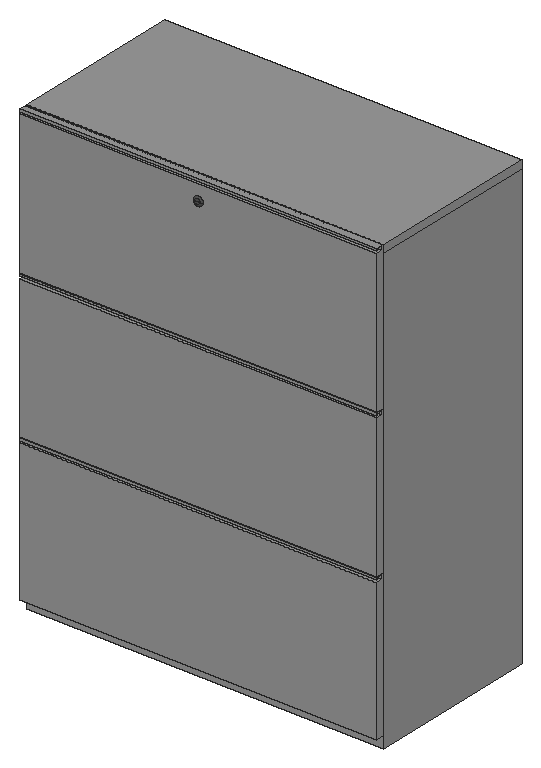
Revit family "Haworth_MSeries_Storage_LateralFile_AP_PRELIMINARY", category Furniture Systems, Revit 2019
Family settings
  Round Connector Dimension = Use Diameter
  Part Type = Normal
  OmniClass Number = 23.40.70.14.64.21
  OmniClass Title = Systems Furniture
  Work Plane-Based = No
  Always vertical = Yes
  Cut with Voids When Loaded = No
  Shared = No
  Room Calculation Point = No
Parameters (values of type "900w 1140h")
  with Pull = not(Front Recess Pull)  # no
  Width = 900 mm
  Warranty = "http://www.haworth.com/resources/product-info/warranties"
  URL - Product = "https://www.haworth.com/ap/en/products/office-drawers/m-series.html"
  Two Drawer = not(Three Drawer)  # no
  Tutti Pull = no
  Trim Finish = Haworth _ Polymer _ Black
  Total Drawer Height = Actual Height - Bottom Case Offset - Case Thickness - 6.4 mm  # 1083.6 mm
  Top Drawer Height = if(Attached 2Hi, 332.5 mm, if(Freestanding 2Hi, 370 mm, 370 mm))  # 370 mm
  Three Drawer = Actual Height > 800 mm  # yes
  Pull Premise Height = if(Attached 2Hi, 320 mm, if(Freestanding 2Hi, 360 mm, 355 mm))  # 355 mm
  Pull Finish = Haworth _ Paint _ Smooth Plaster
  Pull Tutti Height = if(Attached 2Hi, 200 mm, if(Freestanding 2Hi, 200 mm, 200 mm))  # 200 mm
  Premise Pull = no
  Model = "STMSLXXN"  # constant formula
  Min. Width = 750 mm  # constant formula
  Middle Drawer Height = if(Attached 2Hi, 0 mm, if(Freestanding 2Hi, 0 mm, 370 mm))  # 370 mm
  Max. Width = 900 mm  # constant formula
  Lock Offset Top = if(Premise Pull, 40 mm, if(Tutti Pull, 25 mm, 50 mm))  # 50 mm
  Lock Offset Side = Actual Width / 2  # 450 mm
  Lock Finish = Haworth _ Polymer _ Black
  Glide Finish = Haworth _ Polymer _ Black
  Front Recess Pull = not(or(Tutti Pull, Premise Pull))  # yes
  Front Finish [instance] = Haworth _ Laminate _ Undecided _ Storage
  Freestanding 3Hi = yes
  Freestanding 2Hi = not(or(Attached 2Hi, Freestanding 3Hi))  # no
  Distance Between Drawer = 2 mm  # constant formula
  Description = "Haworth - M Series - Storage - Lateral File"  # constant formula
  URL = "https://www.haworth.com/ap/en.html"
  Size = "Verify Final Dim. w/ Haworth"  # constant formula
  Revision Number = "1"  # constant formula
  Manufacturer = "Haworth"  # constant formula
  Case Thickness = 20 mm  # constant formula
  Cabinet Finish [instance] = Haworth _ Laminate _ Undecided _ Storage
  Bottom Drawer Height = if(Attached 2Hi, 330 mm, if(Freestanding 2Hi, 370 mm, 366 mm))  # 366 mm
  Bottom Case Offset = 30 mm  # constant formula
  Author = "Haworth (Abd Rahman)"  # constant formula
  Attached 2Hi = no
  Assembly Code = "E2020200"
  Actual Width = if(Width > Max. Width, Max. Width, if(Width < Min. Width, Min. Width, Width))  # 900 mm
  Actual Height = if(Attached 2Hi, 695 mm, if(Freestanding 2Hi, 775 mm, 1140 mm))  # 1140 mm
  Actual Depth = 450 mm  # constant formula
Types (3, lengths in mm): name | with Pull | Width | Two Drawer | Tutti Pull | Total Drawer Height | Top Drawer Height | Three Drawer | Pull Premise Height | Premise Pull | Middle Drawer Height | Lock Offset Top | Lock Offset Side | Front Recess Pull | Freestanding 3Hi | Freestanding 2Hi | Bottom Drawer Height | Attached 2Hi | Actual Width | Actual Height
  750w 695h | yes | 750 | yes | no | 638.6 | 332.5 | no | 320 | yes | 0 | 40 | 375 | no | no | no | 330 | yes | 750 | 695
  800w 775h | yes | 800 | yes | yes | 718.6 | 370 | no | 360 | no | 0 | 25 | 400 | no | no | yes | 370 | no | 800 | 775
  900w 1140h | no | 900 | no | no | 1083.6 | 370 | yes | 355 | no | 370 | 50 | 450 | yes | yes | no | 366 | no | 900 | 1140
Reference planes
  plane 1 "Center F/B": y = -185.38
  plane 2: z = 0
  plane 3 "Top": z = 1140
  plane 4: x = 20.328
  plane 5: z = 1120
  plane 6: x = -429.672
  plane 7: y = 39.62
  plane 8: y = -410.38
  plane 9 "Right": x = 470.328
  plane 10: z = 30
  plane 11: y = -395.38
  plane 12: x = -419.672
  plane 13: y = 29.62
  plane 14: x = 460.328
  plane 15: y = -385.38
  plane 16: z = 770
  plane 17: z = 398
  plane 18: z = 396
  plane 19: z = 768
  plane 20: z = 1143
Forms (mm)
  Extrusion 1, solid, material "Haworth _ Laminate _ Undecided _ Storage" <- "Cabinet Finish"
    sketch origin (0, 0, 0) x (1, 0, 0) y (0, 1, 0)
      loop
        line (-429.672, 39.62) -> (-429.672, -395.38) -> (470.328, -395.38) -> (470.328, 39.62) -> (-429.672, 39.62)
    from 1120 to 1140
  Extrusion 2, solid, material "Haworth _ Laminate _ Undecided _ Storage" <- "Cabinet Finish"
    sketch origin (0, 0, 0) x (1, 0, 0) y (0, 1, 0)
      loop
        line (-429.672, 39.62) -> (-429.672, -395.38) -> (470.328, -395.38) -> (470.328, 39.62) -> (-429.672, 39.62)
      loop
        line (-419.672, 29.62) -> (-419.672, -385.38) -> (460.328, -385.38) -> (460.328, 29.62) -> (-419.672, 29.62)
    from 0 to 1120
  Extrusion 3, solid, material "Haworth _ Polymer _ Black" <- "Trim Finish", visible <- "Attached 2Hi"
    sketch origin (0, 0, 0) x (1, 0, 0) y (0, 1, 0)
      loop
        circle (-343.933, -15.844) r 15
      loop
        circle (384.589, -15.844) r 15
      loop
        circle (-343.933, -354.916) r 15
      loop
        circle (384.589, -354.916) r 15
    from 1140 to 1143
  Extrusion 4, solid, material "Haworth _ Polymer _ Black" <- "Glide Finish"
    sketch origin (42.646, -362.29, 0) x (-1, 0, 0) y (0, -1, 0)
      loop
        circle (424.548, -17.932) r 12.626
      loop
        circle (424.548, -352.828) r 12.626
      loop
        circle (-383.892, -352.828) r 12.626
      loop
        circle (-383.892, -17.932) r 12.626
    from 0 to 4.695
  Extrusion 5, solid, material "Haworth _ Polymer _ Black" <- "Glide Finish"
    sketch origin (42.646, -362.29, 0) x (-1, 0, 0) y (0, -1, 0)
      loop
        circle (424.484, -18.044) r 8.072
      loop
        circle (424.484, -352.717) r 8.072
      loop
        circle (-383.828, -18.044) r 8.072
      loop
        circle (-383.828, -352.717) r 8.072
    from 4.695 to 6.195
  Extrusion 6, solid, material "Haworth _ Polymer _ Black" <- "Glide Finish"
    sketch origin (42.646, -362.29, 0) x (-1, 0, 0) y (0, -1, 0)
      loop
        circle (424.407, -18.122) r 7
      loop
        circle (424.407, -352.638) r 7
      loop
        circle (-383.751, -18.122) r 7
      loop
        circle (-383.751, -352.638) r 7
    from 6.195 to 11.255
  Extrusion 7, solid, material "Haworth _ Polymer _ Black" <- "Glide Finish"
    sketch origin (42.646, -362.29, 0) x (-1, 0, 0) y (0, -1, 0)
      loop
        circle (424.454, -18.07) r 4.781
      loop
        circle (424.454, -352.69) r 4.781
      loop
        circle (-383.798, -18.07) r 4.781
      loop
        circle (-383.798, -352.69) r 4.781
    from 11.255 to 19.525
Lines and regions (mm)
  Masking region 1
    outline origin (0, 0, 0) x (1, 0, 0) y (0, 1, 0)
      loop
        line (-429.672, 39.62) -> (-429.672, -410.38) -> (470.328, -410.38) -> (470.328, 39.62) -> (-429.672, 39.62)
Dimensions and locks
  equal spacing: plane 7, plane 1 "Center F/B", plane 8
  "Actual Depth": plane 7 to plane 8
  "Actual Width": plane 6 to plane 9 "Right"
  equal spacing: plane 6, plane 4, plane 9 "Right"
  "Case Thickness": plane 3 "Top" to plane 5
  "Bottom Case Offset": plane 10 to level
  "Actual Height": plane 3 "Top" to level
  locked: plane 8 to plane 11 at 15
  locked: plane 6 to plane 12 at 10
  locked: plane 14 to plane 9 "Right" at 10
  locked: plane 7 to plane 13 at 10
  locked: plane 15 to plane 11 at 10
  "Distance Between Drawer": plane 17 to plane 18
  "Distance Between Drawer": plane 16 to plane 19
  "Top Drawer Height": plane 3 "Top" to plane 16
  "Middle Drawer Height": plane 19 to plane 17
  locked: plane 6 to Extrusion 3 sketch curve at 85.739  (x2)
  locked: Extrusion 3 sketch curve to plane 9 "Right" at 85.739
  Extrusion 3 sketch curve to plane 9 "Right" = 85.739 mm
  locked: Extrusion 3 sketch curve to plane 8 at 55.464  (x2)
  locked: plane 7 to Extrusion 3 sketch curve at 55.464  (x2)
  locked: plane 20 to plane 3 "Top" at 3
  locked: plane 6 to Extrusion 4 sketch curve at 47.77  (x2)
  locked: Extrusion 4 sketch curve to plane 9 "Right" at 43.79  (x2)
  locked: Extrusion 4 sketch curve to plane 8 at 66.022  (x2)
  locked: plane 7 to Extrusion 4 sketch curve at 49.082  (x2)
  locked: plane 6 to Extrusion 5 sketch curve at 47.834  (x2)
  locked: plane 7 to Extrusion 5 sketch curve at 49.193  (x2)
  locked: Extrusion 5 sketch curve to plane 9 "Right" at 43.854  (x2)
  locked: Extrusion 5 sketch curve to plane 8 at 66.133  (x2)
  locked: plane 6 to Extrusion 6 sketch curve at 47.911  (x2)
  locked: plane 7 to Extrusion 6 sketch curve at 49.272  (x2)
  locked: Extrusion 6 sketch curve to plane 9 "Right" at 43.931  (x2)
  locked: Extrusion 6 sketch curve to plane 8 at 66.212  (x2)
  locked: plane 7 to Extrusion 7 sketch curve at 49.22  (x2)
  locked: plane 6 to Extrusion 7 sketch curve at 47.864  (x2)
  locked: Extrusion 7 sketch curve to plane 8 at 66.16  (x2)
  locked: Extrusion 7 sketch curve to plane 9 "Right" at 43.884  (x2)
  aligned and locked: plane 3 "Top" to Extrusion 1
  aligned and locked: Extrusion 1 to plane 5
  aligned and locked: Extrusion 1 sketch curve to plane 11
  aligned and locked: plane 6 to Extrusion 1 sketch curve
  aligned and locked: plane 9 "Right" to Extrusion 1 sketch curve
  aligned and locked: Extrusion 1 sketch curve to plane 7
  aligned and locked: plane 6 to Extrusion 2 sketch curve
  aligned and locked: Extrusion 2 sketch curve to plane 7
  aligned and locked: plane 9 "Right" to Extrusion 2 sketch curve
  aligned and locked: Extrusion 2 sketch curve to plane 11
  aligned and locked: plane 14 to Extrusion 2 sketch curve
  aligned and locked: plane 13 to Extrusion 2 sketch curve
  aligned and locked: Extrusion 2 sketch curve to plane 12
  aligned and locked: Extrusion 2 sketch curve to plane 15
  aligned and locked: plane 5 to Extrusion 2
  aligned and locked: nested 1 to plane 4
  aligned and locked: plane 10 to nested 1
  aligned and locked: plane 11 to nested 1
  aligned and locked: nested 2 to plane 4
  aligned and locked: nested 3 to plane 4
  aligned and locked: plane 11 to nested 3
  aligned and locked: plane 11 to nested 2
  aligned and locked: Extrusion 2 to level
  aligned and locked: nested 1 to plane 10
  aligned and locked: nested 3 to plane 17
  aligned and locked: plane 3 "Top" to nested 2
  aligned and locked: plane 20 to Extrusion 3
  aligned and locked: Extrusion 3 to plane 3 "Top"
Automatic sketch dimensions
  Masking region 1 sketch curve to plane 6 = 0 mm
  Masking region 1 sketch curve to plane 9 "Right" = 0 mm
  Masking region 1 sketch curve to plane 7 = 0 mm
  plane 8 to Masking region 1 sketch curve = 0 mm
  radius of Extrusion 3 sketch curve = 15 mm  (x4)
  radius of Extrusion 4 sketch curve = 12.626 mm  (x4)
  radius of Extrusion 5 sketch curve = 8.072 mm  (x4)
  radius of Extrusion 6 sketch curve = 7 mm  (x4)
  radius of Extrusion 7 sketch curve = 4.781 mm  (x4)
Nested families
  nested 1: "Haworth_MSeries_Drawer_PART" at (20.328, -388.722, 30), Drawer Height <- "Bottom Drawer Height", type "Haworth_Drawer - Without Lock"
    with Pull Height 250 mm, Drawer Height 366 mm, with Pull no, Pull Linear Height 200 mm, Pull Ellipse Height 355 mm, Lock Offset Top 50 mm, Linear Pull no, Front Recess yes, Ellipse Pull no
  nested 2: "Haworth_MSeries_Drawer_PART" at (20.328, -388.722, 770), Drawer Height <- "Top Drawer Height", type "Haworth_Drawer"
    with Pull Height 250 mm, Drawer Height 370 mm, with Pull no, With Lock yes, Pull Linear Height 200 mm, Pull Ellipse Height 355 mm, Lock Offset Top 50 mm, Linear Pull no, Front Recess yes, Ellipse Pull no
  nested 3: "Haworth_MSeries_Drawer_PART" at (20.328, -388.722, 398), Drawer Height <- "Middle Drawer Height", visible <- "Three Drawer", type "Haworth_Drawer - Without Lock"
    with Pull Height 250 mm, Drawer Height 370 mm, with Pull no, Pull Linear Height 200 mm, Pull Ellipse Height 355 mm, Lock Offset Top 50 mm, Linear Pull no, Front Recess yes, Ellipse Pull no
Definition of nested family "Haworth_MSeries_Drawer_PART"
  Parameters (values of type "Haworth_Drawer - Without Lock")
    with Pull = yes
    With Lock = no
    Wing Pull Length = 211.138 mm
    Wing Pull = no
    Warranty = "http://www.haworth.com/resources/product-info/warranties"
    URL - Product = ""
    URL = "www.haworth.com"
    Trim Finish = none
    Touch Latch = no
    Side Recess = no
    Revision Number = "1"  # constant formula
    Pull Linear Height = 186.531 mm
    Pull Height [instance] = 262.731 mm
    Pull Finish = none
    Pull Ellipse Height = 262.731 mm
    Note = "Verify Final Dim. w/ Haworth"  # constant formula
    Model = "Haworth Be_Hold"  # constant formula
    Manufacturer = "Haworth"  # constant formula
    Lock Offset Top = 150 mm
    Lock Offset Side = 450 mm
    Linear Pull = yes
    Front Recess = no
    Front Finish = none
    Front Edge Finish = none
    Ellipse Pull = yes
    Drawer Width = 900 mm
    Drawer Height [instance] = 304.8 mm
    Description = "Haworth - Be_Hold - Drawer"
    Cresent Pull = no
    Classic Pull Length = 4.4 mm
    Classic Pull = no
    Blade Pull Length = 390.413 mm
    Blade Pull = no
    Linear Pull Length = 200 mm
    Author = "Haworth (Alias)"  # constant formula
    Assembly Code = ""
  Types (2): name
    Haworth_Drawer
    Haworth_Drawer - Without Lock
  Reference planes
    plane 1 "Drawer Back": y = -6.658
    plane 2: z = 0
    plane 3 "Center L/R": x = 0
    plane 4 "Drawer Front": y = -28.883
    plane 5 "Left": x = -450
    plane 6 "Right": x = 450
    plane 7 "Top": z = 304.8
    plane 8 "Hardware Start": y = -9.833
    plane 9 "Lock Side": x = 0
    plane 10 "Lock Horizontal": z = 154.8
    plane 11 "2": z = 177.025
    plane 12: z = 186.531
    plane 13: z = 262.731
  Forms (mm)
    Extrusion 1, solid, material <- "Front Finish", visible <- "with Pull"
      sketch origin (0, -28.883, 0) x (-1, 0, 0) y (0, 0, 1)
        loop
          line (-450, 304.8) -> (-450, 0) -> (450, 0) -> (450, 304.8) -> (-450, 304.8)
      from 0 to 19.05
    Revolve 2, solid, material <- "Trim Finish", visible <- "With Lock"
      sketch origin (0, 0, 154.8) x (-1, 0, 0) y (0, -1, 0)
        loop
          line (0, 28.883) -> (0, 32.057) -> (-7.939, 32.057)
          arc (-7.939, 32.057) -> (-10.184, 31.128) -> (-11.113, 28.883) r 3.174
          line (-11.113, 28.883) -> (0, 28.883)
        axis (0, 28.883) -> (0, 32.057)
      angle from 0 to 360
  Lines and regions (mm)
    Masking region 1
      outline origin (0, 0, 154.8) x (-1, 0, 0) y (0, -1, 0)
        loop
          line (450, 9.833) -> (450, 28.883) -> (-450, 28.883) -> (-450, 9.833) -> (450, 9.833)
  Dimensions and locks
    equal spacing: plane 5 "Left", plane 3 "Center L/R", plane 6 "Right"
    "Drawer Width": plane 5 "Left" to plane 6 "Right"
    "Drawer Height": plane 7 "Top" to level
    locked: plane 1 "Drawer Back" to plane 8 "Hardware Start" at 3.175
    plane 4 "Drawer Front" to plane 1 "Drawer Back" = 22.225 mm
    plane 4 "Drawer Front" to plane 8 "Hardware Start" = 19.05 mm
    "Lock Offset Side": plane 9 "Lock Side" to plane 6 "Right"
    "Lock Offset Top": plane 7 "Top" to plane 10 "Lock Horizontal"
    locked: Revolve 2 sketch curve to plane 4 "Drawer Front" at 3.174
    locked: plane 9 "Lock Side" to Revolve 2 sketch curve at 11.113
    locked: plane 11 "2" to plane 10 "Lock Horizontal" at 22.225
    "Pull Linear Height": plane 12 to level
    "Pull Ellipse Height": plane 13 to plane 2
    aligned and locked: Extrusion 1 sketch curve to plane 6 "Right"
    aligned and locked: Extrusion 1 sketch curve to plane 7 "Top"
    aligned and locked: Extrusion 1 sketch curve to plane 5 "Left"
    aligned and locked: Extrusion 1 sketch curve to plane 2
    aligned and locked: Extrusion 1 to plane 8 "Hardware Start"
    aligned and locked: Extrusion 1 to plane 4 "Drawer Front"
    aligned and locked: plane 9 "Lock Side" to Revolve 2 sketch curve  (x2)
    aligned and locked: Revolve 2 sketch curve to plane 4 "Drawer Front"
    aligned and locked: plane 3 "Center L/R" to nested 1
    aligned and locked: nested 1 to plane 4 "Drawer Front"
    aligned and locked: plane 6 "Right" to Masking region 1 sketch curve
    aligned and locked: Masking region 1 sketch curve to plane 8 "Hardware Start"
    aligned and locked: plane 4 "Drawer Front" to Masking region 1 sketch curve
    aligned and locked: plane 5 "Left" to Masking region 1 sketch curve
    aligned and locked: nested 2 to plane 8 "Hardware Start"
    aligned and locked: nested 2 to plane 3 "Center L/R"
    aligned and locked: plane 12 to nested 1
    aligned and locked: plane 13 to nested 3
  Automatic sketch dimensions
    plane 8 "Hardware Start" to Revolve 2 sketch curve = 5.061 mm
    Revolve 2 sketch curve to Revolve 2 sketch curve = 10.541 mm
  Nested families
    nested 1: "Haworth_Drawer-Pulls_PART" at (0, -28.883, 186.531), built-in parameter 1001364 <- "Pull Height", visible <- "Linear Pull", type "Pull"
    nested 2: "Haworth_Door-Panel_FrontRecess-Swing" at (29.977, -20.126, 0) x (-1, 0, 0) z (0, 0, 1), visible <- "Front Recess", type "Door"
      with with Lock yes, Finger Pull Location 3.81 mm, Finger Pull no, Door Width 900 mm
    nested 3: "Haworth_Drawer-Pulls" at (0, -28.883, 258.689), visible <- "Ellipse Pull", type "Pull"
  Definition of nested family "Haworth_Drawer-Pulls_PART"
    Parameters (values of type "Pull")
      Wing Pull Length = 211.138 mm
      Wing = no
      Warranty = "https://www.haworth.com/resources/product-info/warranties"
      URL = "https://www.haworth.com"
      Trim Finish = none
      Revision Number = "1"  # constant formula
      Model = "Haworth Be_Hold"  # constant formula
      Manufacturer = "Haworth"  # constant formula
      Linear Pull Length = 200 mm
      Linear = yes
      Description = "Haworth - Be_Hold - Pull Part"
      Cresent = no
      Classic Pull Length = 4.4 mm
      Classic = no
      Blade Pull Length = 390.413 mm
      Blade = no
      Author = "Haworth (Alias)"  # constant formula
      Assembly Code = ""
    Reference planes
      plane 1 "Center Front/Back": y = 0
      plane 2: z = 0
      plane 3 "Center Left/Right": x = 0
      plane 4 "Classic Left": x = -2.2
      plane 5 "Classic Right": x = 2.2
      plane 6 "Linear Left": x = -100
      plane 7 "Linear Right": x = 100
      plane 8 "Wing Right": x = 105.569
      plane 9 "Wing Left": x = -105.569
      plane 10 "Blade Left": x = -195.206
      plane 11 "Blade Right": x = 195.206
    Forms (mm)
      Extrusion 1, solid, material <- "Trim Finish", visible <- "Linear"
        sketch origin (0, 0, 3.175) x (1, 0, 0) y (0, 1, 0)
          loop
            line (-100, 0) -> (-100, -28.873)
            arc (-100, -28.873) -> (-99.157, -30.907) -> (-97.123, -31.75) r 2.877
            line (-97.123, -31.75) -> (97.137, -31.75)
            arc (97.137, -31.75) -> (99.161, -30.911) -> (100, -28.887) r 2.863
            line (100, -28.887) -> (100, 0) -> (74.6, 0) -> (74.6, -0.794) -> (-74.6, -0.794) -> (-74.6, 0) -> (-100, 0)
        from 0 to -6.35
      Extrusion 2, solid, material <- "Trim Finish", visible <- "Classic"
        sketch origin (0, 0, 9.525) x (1, 0, 0) y (0, 0, 1)
          loop
            line (-2.2, 0) -> (-2.2, -19.05)
            arc (-2.2, -19.05) -> (7.325, -9.525) -> (-2.2, 0) r 9.525
        from 0 to 25.4
      Extrusion 3, solid, material <- "Trim Finish", visible <- "Classic"
        sketch origin (0, 0, 9.525) x (-1, 0, 0) y (0, 0, -1)
          loop
            arc (-2.2, 0.034) -> (7.291, 9.525) -> (-2.2, 19.016) r 9.491
            line (-2.2, 19.016) -> (-2.2, 0.034)
        from 0 to 25.4
      Extrusion 4, solid, material <- "Trim Finish", visible <- "Classic"
        sketch origin (0, 0, 9.525) x (1, 0, 0) y (0, 0, 1)
          loop
            line (-2.2, 0) -> (-2.2, -19.05) -> (2.2, -19.05) -> (2.2, 0) -> (-2.2, 0)
        from 25.4 to 31.75
      Sweep 5, solid, material <- "Trim Finish", visible <- "Cresent"
        path origin (0, 0, 0) x (1, 0, 0) y (0, 1, 0)
          loop
            arc (-93.651, 0) -> (-0.001, -30.795) -> (93.649, 0) r 157.795
        profile origin (-0.001, -30.795, 0) x (0, 1, 0) y (0, 0, 1)
          loop
            circle (3.175, 0) r 3.175
      Sweep 6, solid, material <- "Trim Finish", visible <- "Wing"
        path origin (0, 0, 0) x (1, 0, 0) y (0, 1, 0)
          loop
            line (105.569, 0) -> (-105.569, 0)
        profile origin (0, 0, 0) x (0, -1, 0) y (0, 0, 1)
          loop
            line (0, -1.397) -> (18.146, -11.536)
            arc (18.146, -11.536) -> (21.705, -10.354) -> (20.207, -6.915) r 2.54
            line (20.207, -6.915) -> (0, 0) -> (0, -1.397)
      Extrusion 7, void
        sketch origin (0, 0, 0) x (1, 0, 0) y (0, 1, 0)
          loop
            line (-105.569, 0) -> (-105.569, -23.548) -> (-96.997, -23.548) -> (-105.569, 0)
          loop
            line (105.569, 0) -> (96.997, -23.548) -> (105.569, -23.548) -> (105.569, 0)
        from -14.628 to 0
      Sweep 8, solid, material <- "Trim Finish", visible <- "Blade"
        path origin (0, 0, 0) x (1, 0, 0) y (0, 0, 1)
          loop
            line (0, 0) -> (0, 2.381)
        profile origin (0, 0, 1.191) x (-1, 0, 0) y (0, -1, 0)
          loop
            line (195.206, -19.05) -> (195.206, 10.307)
            arc (195.206, 10.307) -> (194.273, 12.56) -> (192.02, 13.494) r 3.187
            line (192.02, 13.494) -> (-192.028, 13.494)
            arc (-192.028, 13.494) -> (-194.275, 12.563) -> (-195.206, 10.315) r 3.178
            line (-195.206, 10.315) -> (-195.206, -19.05) -> (195.206, -19.05)
      Extrusion 9, void
        sketch origin (0, 0, 0) x (1, 0, 0) y (0, 1, 0)
          loop
            line (-97.42, 0) -> (-97.42, -26.789)
            arc (-97.42, -26.789) -> (-96.665, -28.613) -> (-94.841, -29.369) r 2.58
            line (-94.841, -29.369) -> (94.852, -29.369)
            arc (94.852, -29.369) -> (96.676, -28.613) -> (97.432, -26.789) r 2.58
            line (97.432, -26.789) -> (97.432, 0) -> (-97.42, 0)
        from 1.279 to 10.938
      Extrusion 10, void
        sketch origin (0, 0, 0) x (0, -1, 0) y (1, 0, 0)
          loop
            line (0, -97.42) -> (26.789, -97.42)
            arc (26.789, -97.42) -> (28.613, -96.665) -> (29.369, -94.841) r 2.58
            line (29.369, -94.841) -> (29.369, 94.852)
            arc (29.369, 94.852) -> (28.613, 96.676) -> (26.789, 97.432) r 2.58
            line (26.789, 97.432) -> (0, 97.432) -> (0, -97.42)
        from 0.932 to -20.785
    Cuts and joins
      Extrusion 9 cuts Extrusion 2
      Extrusion 9, Extrusion 10 cuts Extrusion 3
      Extrusion 7, Extrusion 9 cuts Extrusion 4
      joined: Extrusion 2, Extrusion 3, Extrusion 4
      Extrusion 7 cuts Sweep 6
      Extrusion 9, Extrusion 10 cuts Extrusion 1
      Extrusion 9, Extrusion 10 cuts Sweep 8
    Lines and regions (mm)
      symbolic lines, detail levels fine
        curve 1: line (-100, 0, 0) -> (100, 0, 0)
    Dimensions and locks
      equal spacing: plane 4 "Classic Left", plane 3 "Center Left/Right", plane 5 "Classic Right"
      "Classic Pull Length": plane 4 "Classic Left" to plane 5 "Classic Right"
      locked: Extrusion 1 sketch curve to Extrusion 1 sketch curve at 25.4  (x2)
      equal spacing: plane 6 "Linear Left", plane 3 "Center Left/Right", plane 7 "Linear Right"
      "Linear Pull Length": plane 6 "Linear Left" to plane 7 "Linear Right"
      locked: profile plane to Sweep 5 sketch curve at 3.175
      locked: plane 9 "Wing Left" to Extrusion 7 sketch curve at 8.571
      locked: Extrusion 7 sketch curve to plane 1 "Center Front/Back" at 23.548
      locked: plane 1 "Center Front/Back" to Extrusion 7 sketch curve at 23.548
      Extrusion 7 sketch curve to plane 8 "Wing Right" = 8.571 mm
      equal spacing: plane 11 "Blade Right", plane 3 "Center Left/Right", plane 10 "Blade Left"
      "Blade Pull Length": plane 11 "Blade Right" to plane 10 "Blade Left"
      locked: Sweep 8 sketch curve to plane 2 at 2.381
      locked: Sweep 8 sketch curve to plane 1 "Center Front/Back" at 19.05
      locked: Sweep 8 sketch curve to plane 1 "Center Front/Back" at 13.494
      equal spacing: plane 8 "Wing Right", plane 3 "Center Left/Right", plane 9 "Wing Left"
      "Wing Pull Length": plane 8 "Wing Right" to plane 9 "Wing Left"
      aligned and locked: plane 4 "Classic Left" to Extrusion 4 sketch curve
      aligned and locked: plane 5 "Classic Right" to Extrusion 4 sketch curve
      aligned and locked: plane 5 "Classic Right" to Extrusion 3 sketch curve
      aligned and locked: Extrusion 2 sketch curve to plane 4 "Classic Left"
      aligned and locked: Extrusion 1 sketch curve to plane 7 "Linear Right"
      aligned and locked: Extrusion 1 sketch curve to plane 6 "Linear Left"
      aligned and locked: plane 2 to Sweep 5 sketch curve
      aligned and locked: profile plane to plane 2
      aligned and locked: Sweep 6 sketch curve to plane 1 "Center Front/Back"
      aligned and locked: plane 8 "Wing Right" to Sweep 6 sketch curve
      aligned and locked: plane 9 "Wing Left" to Sweep 6 sketch curve
      aligned and locked: Extrusion 7 sketch curve to plane 9 "Wing Left"
      aligned and locked: Extrusion 7 sketch curve to plane 8 "Wing Right"
      aligned and locked: plane 2 to Sweep 8 sketch curve
      aligned and locked: Sweep 8 sketch curve to plane 10 "Blade Left"
      aligned and locked: Sweep 8 sketch curve to plane 11 "Blade Right"
      aligned and locked: plane 1 "Center Front/Back" to curve 1
      aligned and locked: plane 7 "Linear Right" to curve 1
      aligned and locked: plane 6 "Linear Left" to curve 1
    Automatic sketch dimensions
      plane 1 "Center Front/Back" to Extrusion 1 sketch curve = 0 mm  (x2)
      Extrusion 1 sketch curve to Extrusion 1 sketch curve = 2.877 mm
      Extrusion 1 sketch curve to plane 7 "Linear Right" = 2.863 mm
      Extrusion 1 sketch curve to Extrusion 1 sketch curve = 0.794 mm
      Extrusion 1 sketch curve to Extrusion 1 sketch curve = 28.873 mm
      Extrusion 2 sketch curve to level = 0 mm
      Extrusion 2 sketch curve to Extrusion 2 sketch curve = 9.525 mm
      Extrusion 3 sketch curve to level = 0 mm
      level to Extrusion 3 sketch curve = 9.491 mm
      Extrusion 4 sketch curve to level = 9.525 mm
      level to Extrusion 4 sketch curve = 9.525 mm
      plane 1 "Center Front/Back" to Sweep 5 sketch curve = 0 mm  (x2)
      Sweep 5 sketch curve to plane 3 "Center Left/Right" = 0.001 mm
      Sweep 5 sketch curve to plane 1 "Center Front/Back" = 127 mm
      Sweep 5 sketch curve to plane 6 "Linear Left" = 6.349 mm
      Sweep 6 sketch curve to profile plane = 0 mm
      Sweep 6 sketch curve to level = 0 mm
      Sweep 6 sketch curve to profile plane = 18.146 mm
      Sweep 6 sketch curve to Sweep 6 sketch curve = 1.239 mm
      Sweep 6 sketch curve to level = 6.915 mm
      Sweep 6 sketch curve to Sweep 6 sketch curve = 0.822 mm
      Sweep 6 sketch curve to Sweep 6 sketch curve = 2.404 mm
      Sweep 6 sketch curve to level = 1.397 mm
      plane 1 "Center Front/Back" to Extrusion 7 sketch curve = 0 mm  (x2)
      Sweep 8 sketch curve to plane 3 "Center Left/Right" = 0 mm
      Sweep 8 sketch curve to Sweep 8 sketch curve = 3.178 mm
      Sweep 8 sketch curve to Sweep 8 sketch curve = 3.187 mm
      plane 1 "Center Front/Back" to Extrusion 9 sketch curve = 0 mm
      Extrusion 9 sketch curve to plane 6 "Linear Left" = 2.58 mm
      Extrusion 9 sketch curve to Extrusion 9 sketch curve = 2.58 mm
      Extrusion 9 sketch curve to plane 7 "Linear Right" = 5.148 mm
      Extrusion 9 sketch curve to plane 7 "Linear Right" = 2.568 mm
      plane 1 "Center Front/Back" to Extrusion 9 sketch curve = 26.789 mm
      plane 1 "Center Front/Back" to Extrusion 10 sketch curve = 0 mm
      Extrusion 10 sketch curve to plane 7 "Linear Right" = 2.568 mm
      Extrusion 10 sketch curve to Extrusion 10 sketch curve = 26.789 mm  (x2)
      Extrusion 10 sketch curve to plane 6 "Linear Left" = 2.58 mm
      Extrusion 10 sketch curve to Extrusion 10 sketch curve = 2.58 mm
      radius of Sweep 5 sketch curve = 3.175 mm
  Definition of nested family "Haworth_Door-Panel_FrontRecess-Swing"
    Parameters (values of type "Door")
      with Lock [instance] = yes
      URL = "www.haworth.com"
      Revision Number = "1"  # constant formula
      Revision Date = ""
      Pull Offset = 38.1 mm
      Lock Offset Top = 42.07 mm  # constant formula
      Lock Offset Side = 34.925 mm  # constant formula
      Linear Pull = no
      Finger Pull Location = if(Finger Pull, Door Height + 6.35 mm, 3.81 mm)  # 311.15 mm
      Finger Pull = yes
      Door Pull Location = 25.4 mm
      Door Pull Length = 203.2 mm
      Door Pull Finish = none
      Bar Pull = no
      Classic Pull = no
      Assembly Code = ""
      Pull Offset Centerline = 76.2 mm
      Pull Height Centerline = 152.4 mm
      Door Width = 392 mm
      Door Height = 304.8 mm
      Door Finish = none
      Door Depth = 19.05 mm
      Manufacturer = "Haworth"  # constant formula
      Author = "SHAPE Environments, LLC"  # constant formula
    Reference planes
      plane 1 "Center F/B": y = -0.768
      plane 2: z = 0
      plane 3 "Center L/R": x = 29.977
      plane 4 "Left": x = -166.023
      plane 5 "Right": x = 225.977
      plane 6 "Back": y = 8.757
      plane 7 "Front": y = -10.293
      plane 8 "Top": z = 304.8
      plane 9 "Pull Offset": x = 149.777
      plane 10 "Pull Height": z = 152.4
      plane 11 "Finger Pull Top": z = 304.8
      plane 12 "Finger Pull Bottom": z = -6.35
      plane 13: z = 262.73
      plane 14 "Lock": x = -131.098
    Forms (mm)
      Extrusion 1, solid, material <- "Door Finish"
        sketch origin (0, -0.768, 0) x (1, 0, 0) y (0, 0, 1)
          loop
            line (-166.023, 304.8) -> (-166.023, 0) -> (225.977, 0) -> (225.977, 304.8) -> (-166.023, 304.8)
        from -9.525 to 9.525
      Extrusion 2, void
        sketch origin (179.327, 6.856, 154.251) x (0, 0.000857, -1) y (0, -1, -0.000857)
          loop
            line (-149.15, 15.342) -> (-149.15, -0.507) -> (-144.947, -0.507) -> (-144.947, -2.611) -> (-139.546, -2.611) -> (-139.546, 15.342) -> (-149.15, 15.342)
        from -1064.355 to 1673.35
    Cuts and joins
      Extrusion 2 cuts Extrusion 1
    Lines and regions (mm)
      Masking region 1
        outline origin (0, 0, 0) x (1, 0, 0) y (0, 1, 0)
          loop
            line (-166.023, 8.757) -> (-166.023, -10.293) -> (225.977, -10.293) -> (225.977, 8.757) -> (-166.023, 8.757)
      model lines
        curve 1: line (149.777, -10.293, 0) -> (160.89, -10.293, 0)
    Dimensions and locks
      "Door Height": plane 8 "Top" to level
      equal spacing: plane 6 "Back", plane 1 "Center F/B", plane 7 "Front"
      "Door Depth": plane 6 "Back" to plane 7 "Front"
      equal spacing: plane 4 "Left", plane 3 "Center L/R", plane 5 "Right"
      "Door Width": plane 4 "Left" to plane 5 "Right"
      "Pull Height Centerline": plane 10 "Pull Height" to level
      "Finger Pull Location": plane 11 "Finger Pull Top" to plane 12 "Finger Pull Bottom"
      locked: plane 2 to plane 12 "Finger Pull Bottom" at 6.35
      "Pull Offset Centerline": plane 5 "Right" to plane 9 "Pull Offset"
      "Lock Offset Side": plane 4 "Left" to plane 14 "Lock"
      "Lock Offset Top": plane 11 "Finger Pull Top" to plane 13
      aligned and locked: plane 4 "Left" to Extrusion 1 sketch curve
      aligned and locked: Extrusion 1 sketch curve to plane 5 "Right"
      aligned and locked: Extrusion 1 sketch curve to plane 8 "Top"
      aligned and locked: level to Extrusion 1 sketch curve
      aligned and locked: plane 6 "Back" to Extrusion 1
      aligned and locked: Extrusion 1 to plane 7 "Front"
      aligned and locked: plane 9 "Pull Offset" to nested 1
      aligned and locked: plane 10 "Pull Height" to nested 1
      aligned: nested 1 to plane 7 "Front"
      aligned and locked: Extrusion 1 to plane 4 "Left"
      aligned and locked: nested 1 to plane 7 "Front"
    Automatic sketch dimensions
      curve 1 to plane 7 "Front" = 0 mm
      curve 1 to plane 9 "Pull Offset" = 0 mm
      curve 1 to curve 1 = 11.113 mm
      Masking region 1 sketch curve to plane 4 "Left" = 0 mm
      Masking region 1 sketch curve to plane 5 "Right" = 0 mm
      Masking region 1 sketch curve to plane 7 "Front" = 0 mm
      Masking region 1 sketch curve to plane 6 "Back" = 0 mm
      Extrusion 2 sketch curve to plane 8 "Top" = 1.412 mm
      plane 7 "Front" to Extrusion 2 sketch curve = 1.679 mm
      Extrusion 2 sketch curve to Extrusion 2 sketch curve = 9.604 mm
      Extrusion 2 sketch curve to Extrusion 2 sketch curve = 15.849 mm
      Extrusion 2 sketch curve to Extrusion 2 sketch curve = 2.104 mm
      Extrusion 2 sketch curve to Extrusion 2 sketch curve = 4.203 mm
    Nested families
      nested 1: "Haworth_Door-Pulls" at (182.369, -9.525, 152.4), type "Pull", detail levels medium+fine
  Definition of nested family "Haworth_Drawer-Pulls"
    Parameters (values of type "Pull")
      Taper = no
      Radius = no
      Patterns = no
      Linear = no
      Handle Finish = none
      Ellipse = yes
      Cresent = no
      Classic = no
      Assembly Code = ""
    Reference planes
      plane 1 "Center Front/Back": y = 0
      plane 2: z = 0
      plane 3 "Center Left/Right": x = 0
      plane 4: x = -130
      plane 5: x = 130
    Forms (mm)
      Extrusion 1, solid, material <- "Handle Finish", visible <- "Ellipse"
        sketch origin (0, 0, 4.043) x (0, 1, 0) y (0, 0, 1)
          loop
            arc (-0.766, 0) -> (-6.785, -0.758) -> (-12.456, -2.915) r 25.527
            arc (-12.456, -2.915) -> (-16.565, -5.616) -> (-20.062, -9.074) r 24.865
            arc (-20.062, -9.074) -> (-22.178, -12.005) -> (-23.884, -15.191) r 27.094
            arc (-23.884, -15.191) -> (-23.108, -16.801) -> (-21.479, -16.067) r 1.28
            arc (-21.479, -16.067) -> (-17.188, -9.918) -> (-11.354, -5.209) r 26.641
            arc (-11.354, -5.209) -> (-8.893, -4.088) -> (-6.314, -3.274) r 22.187
            arc (-6.314, -3.274) -> (-4.078, -3.858) -> (-2.9, -5.847) r 3.035
            arc (-2.9, -5.847) -> (-1.687, -7.045) -> (0, -6.789) r 1.902
            line (0, -6.789) -> (0, -1.296) -> (-0.766, 0)
        from -130 to 130
      Extrusion 2, void
        sketch origin (0, 0, 4.043) x (1, 0, 0) y (0, 1, 0)
          loop
            line (-165.099, 0) -> (-169.486, 0) -> (-169.486, -28.35) -> (169.486, -28.35) -> (169.486, 0) -> (165.099, 0)
            arc (165.099, 0) -> (164.23, -4.523) -> (161.849, -8.466) r 13.1
            arc (161.849, -8.466) -> (158.39, -11.305) -> (154.202, -12.881) r 13.735
            arc (154.202, -12.881) -> (116.131, -18.997) -> (77.712, -22.273) r 519.795
            arc (77.712, -22.273) -> (0, -24.137) -> (-77.712, -22.273) r 1620.476
            arc (-77.712, -22.273) -> (-116.131, -18.997) -> (-154.202, -12.881) r 519.795
            arc (-154.202, -12.881) -> (-158.39, -11.305) -> (-161.849, -8.466) r 13.735
            arc (-161.849, -8.466) -> (-164.23, -4.523) -> (-165.099, 0) r 13.1
        from 0 to -23.08
      Blend 3, solid, material <- "Handle Finish", visible <- "Radius"
        base sketch origin (0, 0, 7.938) x (0, 1, 0) y (0, 0, -1)
          loop
            line (0, 0) -> (0, 15.875) -> (-10.246, 15.875)
            arc (-10.246, 15.875) -> (-18.184, 7.938) -> (-10.246, 0) r 7.938
            line (-10.246, 0) -> (0, 0)
        top sketch origin (0, 0, 7.938) x (0, 1, 0) y (0, 0, -1)
          loop
            line (0, 0) -> (0, 15.875) -> (-19.782, 15.875)
            arc (-19.782, 15.875) -> (-27.72, 7.938) -> (-19.782, 0) r 7.938
            line (-19.782, 0) -> (0, 0)
        from -123.825 to -92.075
      Sweep 4, solid, material <- "Handle Finish", visible <- "Radius"
        path origin (0, 0, 0) x (1, 0, 0) y (0, 1, 0)
          loop
            arc (-123.825, -18.184) -> (0, -39.179) -> (123.825, -18.184) r 375.636
        profile origin (0, -39.179, 0) x (0, 1, 0) y (0, 0, 1)
          loop
            circle (7.938, 0) r 7.739
      Extrusion 5, solid, material <- "Handle Finish", visible <- "Taper"
        sketch origin (0, 0, 6.929) x (0, 1, 0) y (0, 0, 1)
          loop
            line (0, 0) -> (-22.225, 0)
            arc (-22.225, 0) -> (-24.47, -0.93) -> (-25.4, -3.175) r 3.175
            line (-25.4, -3.175) -> (-25.4, -17.78) -> (-24.609, -17.78) -> (-24.609, -3.178)
            arc (-24.609, -3.178) -> (-23.911, -1.492) -> (-22.225, -0.794) r 2.384
            line (-22.225, -0.794) -> (-0.794, -0.794) -> (-0.794, -13.462) -> (0, -13.462) -> (0, 0)
        from -166.535 to 166.535
      Extrusion 6, void
        sketch origin (0, 0, 6.929) x (1, 0, 0) y (0, 0, 1)
          loop
            arc (-132.932, -18.265) -> (-152.327, -13.323) -> (-166.993, 0.298) r 40.532
            line (-166.993, 0.298) -> (-174.239, 0.298) -> (-174.239, -25.4) -> (174.239, -25.4) -> (174.239, 0.298) -> (166.993, 0.298)
            arc (166.993, 0.298) -> (152.327, -13.323) -> (132.932, -18.265) r 40.532
            line (132.932, -18.265) -> (-132.932, -18.265)
        from 0 to 55.909
      Sweep 7, solid, material <- "Handle Finish", visible <- "Cresent"
        path origin (0, 0, 3.175) x (1, 0, 0) y (0, 1, 0)
          loop
            arc (-96.589, 1.016) -> (0, -31.75) -> (96.589, 1.016) r 158.75
        profile origin (0, -31.75, 3.175) x (0, 1, 0) y (0, 0, 1)
          loop
            circle (3.175, -3.175) r 3.175
      Extrusion 8, void
        sketch origin (0, 0, 3.175) x (1, 0, 0) y (0, 1, 0)
          loop
            line (-100.214, 0) -> (100.177, 0) -> (100.177, 8.146) -> (-100.214, 8.146) -> (-100.214, 0)
        from 0.882 to -7.228
      Extrusion 9, solid, material <- "Handle Finish", visible <- "Linear"
        sketch origin (0, 0, 3.175) x (1, 0, 0) y (0, 1, 0)
          loop
            line (-101.6, 0) -> (-101.6, -31.75) -> (101.6, -31.75) -> (101.6, 0) -> (76.2, 0) -> (76.2, -25.4) -> (-76.2, -25.4) -> (-76.2, 0) -> (-101.6, 0)
        from 0 to -6.35
      Extrusion 10, solid, material <- "Handle Finish", visible <- "Classic"
        sketch origin (0, 0, 9.525) x (1, 0, 0) y (0, 0, 1)
          loop
            line (-85.725, 0) -> (-85.725, -19.05)
            arc (-85.725, -19.05) -> (-76.2, -9.525) -> (-85.725, 0) r 9.525
        from 0 to 25.4
      Extrusion 11, solid, material <- "Handle Finish", visible <- "Classic"
        sketch origin (0, 0, 9.525) x (-1, 0, 0) y (0, 0, -1)
          loop
            arc (-85.725, 0) -> (-76.2, 9.525) -> (-85.725, 19.05) r 9.525
            line (-85.725, 19.05) -> (-85.725, 0)
        from 0 to 25.4
      Extrusion 12, solid, material <- "Handle Finish", visible <- "Classic"
        sketch origin (0, 0, 9.525) x (1, 0, 0) y (0, 0, 1)
          loop
            line (-85.725, 0) -> (-85.725, -19.05) -> (85.725, -19.05) -> (85.725, 0) -> (-85.725, 0)
        from 25.4 to 31.75
      Blend 13, solid, material <- "Handle Finish", visible <- "Radius"
        base sketch origin (0, 0, 7.938) x (0, 1, 0) y (0, 0, 1)
          loop
            line (0, 0) -> (-10.246, 0)
            arc (-10.246, 0) -> (-18.184, -7.938) -> (-10.246, -15.875) r 7.938
            line (-10.246, -15.875) -> (0, -15.875) -> (0, 0)
        top sketch origin (0, 0, 7.938) x (0, 1, 0) y (0, 0, 1)
          loop
            line (0, 0) -> (-19.782, 0)
            arc (-19.782, 0) -> (-27.72, -7.938) -> (-19.782, -15.875) r 7.938
            line (-19.782, -15.875) -> (0, -15.875) -> (0, 0)
        from -123.825 to -92.075
      Extrusion 14, solid, material <- "Handle Finish", visible <- "Patterns"
        sketch origin (0, 0, 6.929) x (0, 1, 0) y (0, 0, 1)
          loop
            line (0, 0) -> (-22.225, 0)
            arc (-22.225, 0) -> (-24.47, -0.93) -> (-25.4, -3.175) r 3.175
            line (-25.4, -3.175) -> (-25.4, -17.78) -> (-24.609, -17.78) -> (-24.609, -3.178)
            arc (-24.609, -3.178) -> (-23.911, -1.492) -> (-22.225, -0.794) r 2.384
            line (-22.225, -0.794) -> (-0.794, -0.794) -> (-0.794, -13.462) -> (0, -13.462) -> (0, 0)
        from -101.6 to 101.6
    Cuts and joins
      Extrusion 2 cuts Extrusion 1
      joined: Extrusion 10, Extrusion 11, Extrusion 12
      Extrusion 6 cuts Extrusion 5
      Extrusion 8 cuts Sweep 7
      joined: Blend 3, Sweep 4, Blend 13
